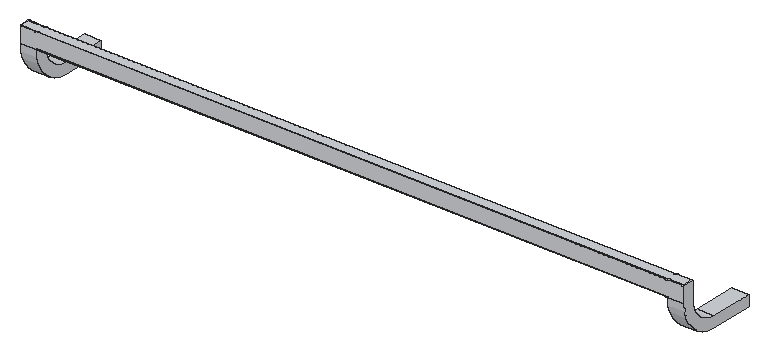
Revit family "Accessory-Towel_Bar-KOHLER-LOURE-K-11588T_1", category Specialty Equipment, host Face, Revit 2021
Family settings
  Host = Face
  Round Connector Dimension = Use Diameter
  Part Type = Normal
  OmniClass Number = 23.31.25.25
  OmniClass Title = Towel Bars
  Cut with Voids When Loaded = No
  Shared = No
  Room Calculation Point = No
Parameters (values of type "CP-Polished Chrome")
  Width = 2 133/256"  # constant formula
  WaterSense Certified = 1 = 0  # no
  URL = "http://www.kohler.com.cn/"
  Type = 1
  Product Page URL = "https://www.kohler.com.cn/product/K-11588T-CP/K-11588T-CP/"
  Product Name = "LOURE"  # constant formula
  Product Documentation Link = "https://files.kohler.com.cn/pdfs/loure_acc.pdf"
  Model = if(Type = 1, "K-11588T-CP", if(Type = 2, "K-11588T-BV", "NA"))  # "K-11588T-CP"
  Material = "Premium Metal Construction"  # constant formula
  Master Format 2014 Name = "Toilet, Bath, and Laundry Accessories"  # constant formula
  Master Format 2014 = "10 28 00"  # constant formula
  Manufacturer Address = "Kohler Beijing Office (100016) 36-2-03-B, No. 88, Liuxiang Road, Beijing"  # constant formula
  Manufacturer = "Kohler Co."  # constant formula
  Length = 30 193/256"  # constant formula
  Height = 3.74016"  # constant formula
  Finish = Kohler-Metal-CP-Polished_Chrome
  Environmental Product Declaration = ""
  Description = "30 Inch Towel Bar"  # constant formula
  Default Elevation = 42"
  Declare Label = ""
  Date Modified = "08/03/2022"  # constant formula
  Date Created = "07/07/2020"  # constant formula
  Copyright = "Copyright Kohler Co."  # constant formula
  Contact Us = "http://www.kohler.com.cn/contact/contact-us/"
  Assembly Code = "C1030200"
  ADA Compliant = 1 = 0  # no
Types (3): name | Type | Product Page URL | Model | Finish
  (no name) | 1 | "https://www.kohler.com.cn/product/K-11588T-CP/K-11588T-CP/" | "K-11588T-CP" | Kohler-Metal-CP-Polished_Chrome
  CP-Polished Chrome | 1 | "https://www.kohler.com.cn/product/K-11588T-CP/K-11588T-CP/" | "K-11588T-CP" | Kohler-Metal-CP-Polished_Chrome
  BV-Brushed Bronze | 2 | "https://www.kohler.com.cn/product/K-11588T-CP/K-11588T-BV/" | "K-11588T-BV" | Kohler-Metal-BV-Brushed_Bronze
Reference planes (in)
  plane 1 "Center (Front/Back)": y = 0
  plane 2: z = 0
  plane 3 "Center (Left/Right)": x = 0
  plane 4: x = -15
  plane 5: x = 15
  plane 6: x = -15.37662
  plane 7: x = -14.62338
  plane 8: x = 14.62338
  plane 9: x = 15.37728
  plane 10: y = 3.74016
  plane 11: y = 0.49882
  plane 12: z = 2.51953
  plane 13: z = 0.49882
  plane 14: z = 1.76576
  plane 15: y = 1.87008
Dimensions and locks (in)
  "Height": plane 1 "Center (Front/Back)" to plane 10
  locked: plane 1 "Center (Front/Back)" to plane 15 at 1.87008
  "Length": plane 6 to plane 9
  plane 4 to plane 5 = 30"
  "Width": plane 12 to level
  aligned and locked: plane 2 to host face
  aligned and locked: level to host face
Automatic sketch dimensions
  host sketch curve to host sketch curve = 96"  (x2)
Nested families (in)
  nested 1: "K-11588T" at (0, 0, 0), type "K-11588T"
Definition of nested family "K-11588T"
  Parameters
    Material = none
    Default Elevation = 0"
  Reference planes (in)
    plane 1 "Center (Front/Back)": y = 0
    plane 2: z = 0
    plane 3 "Center (Left/Right)": x = 0
    plane 4: z = 2.51969
    plane 5: x = -15
    plane 6: x = 15
    plane 7: y = 3.74016
    plane 8: x = 15.37662
    plane 9: x = -15.37662
    plane 10: x = -14.62338
    plane 11: x = 14.62338
    plane 12: y = 0.49882
    plane 13: z = 0.49882
    plane 14: z = 1.76576
  Forms (in)
    Sweep 1, solid, material <- "Material", detail levels medium+fine
      path origin (0, 0, 0) x (0, 1, 0) y (0, 0, -1)
        loop
          line (0, -2.5159) -> (0, -1.74695)
          arc (0, -1.74695) -> (0.51167, -0.51167) -> (1.74695, 0) r 1.74695
          line (1.74695, 0) -> (3.74016, 0)
      profile origin (0, 0, 2.13142) x (-1, 0, 0) y (0, -1, 0)
        loop
          line (-15.37662, -0.49882) -> (-14.62338, -0.49882) -> (-14.62338, 0.00118) -> (-15.37662, 0.00118) -> (-15.37662, -0.49882)
        loop
          line (15.37662, -0.49882) -> (15.37662, 0.00118) -> (14.62338, 0.00118) -> (14.62338, -0.49882) -> (15.37662, -0.49882)
    Extrusion 2, solid, material <- "Material", detail levels coarse
      sketch origin (0, 0, 0) x (0, 1, 0) y (0, 0, 1)
        loop
          line (0.49882, 2.51969) -> (0, 2.51969) -> (0, 0) -> (3.74016, 0) -> (3.74016, 0.49882) -> (0.49882, 0.49882) -> (0.49882, 2.51969)
      from -15.37662 to -14.62338
    Extrusion 3, solid, material <- "Material", detail levels coarse
      sketch origin (0, 0, 0) x (0, 1, 0) y (0, 0, -1)
        loop
          line (0.49882, -2.51969) -> (0.49882, -0.49882) -> (3.74016, -0.49882) -> (3.74016, 0) -> (0, 0) -> (0, -2.51969) -> (0.49882, -2.51969)
      from -15.37662 to -14.62338
    Extrusion 4, solid, material <- "Material", detail levels coarse
      sketch origin (0, 0, 0) x (0, 1, 0) y (0, 0, 1)
        loop
          line (0.49882, 2.51969) -> (0, 2.51969) -> (0, 1.76576) -> (0.49882, 1.76576) -> (0.49882, 2.51969)
      from -14.62338 to 14.62338
    Extrusion 5, solid, material <- "Material", detail levels medium+fine
      sketch origin (0, 0, 0) x (0, 1, 0) y (0, 0, 1)
        loop
          line (0.49882, 1.78643) -> (0.49882, 2.49621)
          arc (0.49882, 2.49621) -> (0.49305, 2.51013) -> (0.47913, 2.5159) r 0.01969
          line (0.47913, 2.5159) -> (0.01909, 2.5159)
          arc (0.01909, 2.5159) -> (0.00476, 2.50996) -> (-0.00118, 2.49563) r 0.02027
          line (-0.00118, 2.49563) -> (-0.00118, 1.78558)
          arc (-0.00118, 1.78558) -> (0.00458, 1.77166) -> (0.0185, 1.7659) r 0.01969
          line (0.0185, 1.7659) -> (0.47829, 1.7659)
          arc (0.47829, 1.7659) -> (0.49281, 1.77191) -> (0.49882, 1.78643) r 0.02053
      from -14.62338 to 14.62338
    Sweep 6, void
      path origin (0, 0, 0) x (1, 0, 0) y (0, 1, 0)
        loop
          line (14.62338, -0.00118) -> (15.37662, -0.00118) -> (15.37662, 0.49882) -> (14.62338, 0.49882)
      profile origin (15, 0.49882, 0) x (0, -1, 0) y (0, 0, 1)
        loop
          arc (0, 2.49621) -> (0.00577, 2.51013) -> (0.01969, 2.5159) r 0.01969
          line (0.01969, 2.5159) -> (0.06073, 2.5159) -> (0.06073, 2.55251) -> (-0.03478, 2.55251) -> (-0.03478, 2.44964) -> (0, 2.44964) -> (0, 2.49621)
    Sweep 7, void
      path origin (0, 0, 0) x (-1, 0, 0) y (0, -1, 0)
        loop
          line (14.62338, 0.00118) -> (15.37662, 0.00118) -> (15.37662, -0.49882) -> (14.62338, -0.49882)
      profile origin (-15, 0.49882, 0) x (0, 1, 0) y (0, 0, 1)
        loop
          line (0, 2.49621) -> (0, 2.44964) -> (0.03478, 2.44964) -> (0.03478, 2.55251) -> (-0.06073, 2.55251) -> (-0.06073, 2.5159) -> (-0.01969, 2.5159)
          arc (-0.01969, 2.5159) -> (-0.00577, 2.51013) -> (0, 2.49621) r 0.01969
  Cuts and joins
    joined: Extrusion 2, Extrusion 3, Extrusion 4
    Sweep 6, Sweep 7 cuts Sweep 1
    joined: Sweep 1, Extrusion 5
  Lines and regions (in)
    Masking region 1
      outline origin (0, 0, 0) x (1, 0, 0) y (0, 1, 0)
        loop
          line (-15.353, 0) -> (15.353, 0)
          arc (15.353, 0) -> (15.3697, 0.00692) -> (15.37662, 0.02362) r 0.02362
          line (15.37662, 0.02362) -> (15.37662, 3.72047)
          arc (15.37662, 3.72047) -> (15.37086, 3.73439) -> (15.35694, 3.74016) r 0.01969
          line (15.35694, 3.74016) -> (14.64306, 3.74016)
          arc (14.64306, 3.74016) -> (14.62914, 3.73439) -> (14.62338, 3.72047) r 0.01969
          line (14.62338, 3.72047) -> (14.62338, 0.49882) -> (0, 0.49882) -> (-14.62338, 0.49882) -> (-14.62338, 3.72047)
          arc (-14.62338, 3.72047) -> (-14.62914, 3.73439) -> (-14.64306, 3.74016) r 0.01969
          line (-14.64306, 3.74016) -> (-15.35694, 3.74016)
          arc (-15.35694, 3.74016) -> (-15.37086, 3.73439) -> (-15.37662, 3.72047) r 0.01969
          line (-15.37662, 3.72047) -> (-15.37662, 0.02362)
          arc (-15.37662, 0.02362) -> (-15.3697, 0.00692) -> (-15.353, 0) r 0.02362
    Masking region 2
      outline origin (0, 0, 0) x (1, 0, 0) y (0, 0, 1)
        loop
          line (15.37662, 0.02362) -> (15.37662, 2.5)
          arc (15.37662, 2.5) -> (15.37086, 2.51392) -> (15.35694, 2.51969) r 0.01969
          line (15.35694, 2.51969) -> (-15.35694, 2.51969)
          arc (-15.35694, 2.51969) -> (-15.37086, 2.51392) -> (-15.37662, 2.5) r 0.01969
          line (-15.37662, 2.5) -> (-15.37662, 0.02362)
          arc (-15.37662, 0.02362) -> (-15.3697, 0.00692) -> (-15.353, 0) r 0.02362
          line (-15.353, 0) -> (-14.647, 0)
          arc (-14.647, 0) -> (-14.6303, 0.00692) -> (-14.62338, 0.02362) r 0.02362
          line (-14.62338, 0.02362) -> (-14.62338, 1.76576) -> (14.62338, 1.76576) -> (14.62338, 0.02362)
          arc (14.62338, 0.02362) -> (14.6303, 0.00692) -> (14.647, 0) r 0.02362
          line (14.647, 0) -> (15.353, 0)
          arc (15.353, 0) -> (15.3697, 0.00692) -> (15.37662, 0.02362) r 0.02362
    Masking region 3
      outline origin (0, 0, 0) x (0, 1, 0) y (0, 0, 1)
        loop
          line (3.74016, 0.01969) -> (3.74016, 0.47913)
          arc (3.74016, 0.47913) -> (3.73439, 0.49305) -> (3.72047, 0.49882) r 0.01969
          line (3.72047, 0.49882) -> (1.74542, 0.49882)
          arc (1.74542, 0.49882) -> (0.86394, 0.86394) -> (0.49882, 1.74542) r 1.2466
          line (0.49882, 1.74542) -> (0.49882, 2.49606)
          arc (0.49882, 2.49606) -> (0.4919, 2.51277) -> (0.4752, 2.51969) r 0.02362
          line (0.4752, 2.51969) -> (0.02362, 2.51969)
          arc (0.02362, 2.51969) -> (0.00692, 2.51277) -> (0, 2.49606) r 0.02362
          line (0, 2.49606) -> (0, 1.74178)
          arc (0, 1.74178) -> (0.51016, 0.51016) -> (1.74178, 0) r 1.74178
          line (1.74178, 0) -> (3.72047, 0)
          arc (3.72047, 0) -> (3.73439, 0.00577) -> (3.74016, 0.01969) r 0.01969
    symbolic lines, detail levels medium+fine
      curve 1: line (-14.62338, 0.49856, 0) -> (-15.37662, 0.49856, 0)
      curve 2: line (14.62338, 0.49856, 0) -> (15.37662, 0.49856, 0)
      curve 3: line (-15.35694, 0, 0.49882) -> (-14.64306, 0, 0.49882)
      curve 4: line (14.62338, 0, 0) -> (14.62338, 0.49856, 0)
      curve 5: line (-14.62338, 0.49856, 0) -> (-14.62338, 0, 0)
      curve 6: line (0, 0.49882, 1.76576) -> (0, 0, 1.76576)
      curve 7: line (-15.37662, 0, 1.76576) -> (-14.62338, 0, 1.76576)
      curve 8: line (15.37662, 0, 1.76576) -> (14.62338, 0, 1.76576)
      curve 9: arc (-15.37662, 0, 0.47913) -> (-15.37086, 0, 0.49305) -> (-15.35694, 0, 0.49882) r 0.01969
      curve 10: arc (-14.62338, 0, 0.47913) -> (-14.62914, 0, 0.49305) -> (-14.64306, 0, 0.49882) r 0.01969
      curve 11: line (15.35694, 0, 0.49882) -> (14.64306, 0, 0.49882)
      curve 12: arc (15.37662, 0, 0.47913) -> (15.37086, 0, 0.49305) -> (15.35694, 0, 0.49882) r 0.01969
      curve 13: arc (14.62338, 0, 0.47913) -> (14.62914, 0, 0.49305) -> (14.64306, 0, 0.49882) r 0.01969
      curve 14: line (14.62338, 0, 1.76576) -> (14.62338, 0, 2.51969)
      curve 15: line (-14.62338, 0, 1.76576) -> (-14.62338, 0, 2.51969)
  Dimensions and locks (in)
    plane 4 to level = 2.51969"
    plane 6 to plane 5 = 30"
    plane 7 to plane 1 "Center (Front/Back)" = 3.74016"
    plane 5 to plane 6 = 30"
    plane 4 to plane 2 = 2.51969"
    aligned and locked: plane 2 to level
